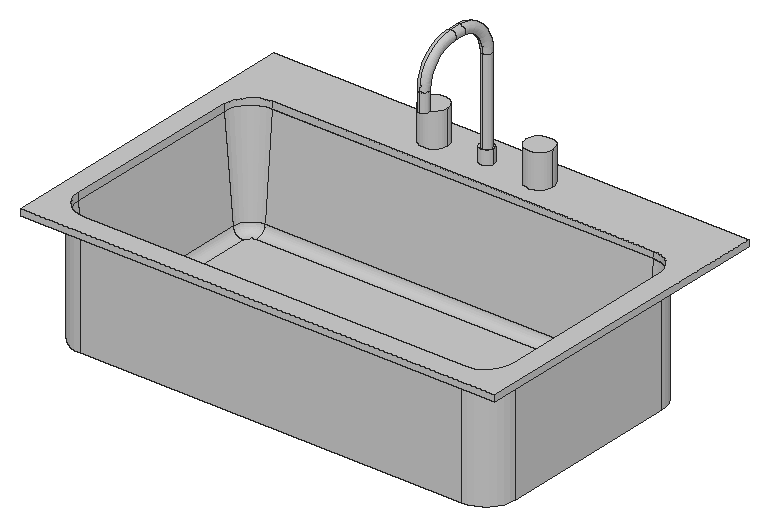
Revit family "M_Sink Kitchen-Single", category 위생기구, Revit 2026
Family settings
  원형 커넥터 치수 = 지름 사용
  부품 유형 = 보통
  작업 기준면 기반 = 아니오
  뷰에서 절단 사용 = 아니오
  항상 수직 = 예
  로드될 때 보이드를 사용하여 절단 = 아니오
  주석 방향 유지 = 아니오
  공유 = 예
  룸 계산 점 = 아니오
Parameters (values of type "900 x  600mm")
  기본 높이 = 0.00 mm
  Counter Height [instance] = 900.00 mm
  Depth = 600.00 mm
  Fixture Material = Metal - Steel, Polished
  Sink Material = Metal - Steel, Polished
  Width = 900.00 mm
  Assembly Code = ""
Types (2, lengths in mm): name | Depth | Width
  760 x 535mm | 535.00 | 760.00
  900 x  600mm | 600.00 | 900.00
Reference planes
  plane 1 "Center (Front/Back)": y = 2.345
  plane 2: z = 0
  plane 3 "Center (Left/Right)": x = 15.689
  plane 4: y = 302.345
  plane 5: y = -297.655
  plane 6: x = -434.311
  plane 7: x = 465.689
  plane 8 "Top Of Counter": z = 900
  plane 9: z = 912.7
  plane 10: z = 684.1
  plane 11: y = 188.045
  plane 12: x = -396.211
  plane 13: y = -259.555
  plane 14: x = 427.589
  plane 15: x = -84.311
  plane 16: x = 115.689
  plane 17: y = 245.195
  plane 18: y = 245.195
  plane 19: y = 245.195
  plane 20: z = 1163.525
  plane 21: y = 95.97
  plane 22: z = 976.2
  plane 23: z = 938.1
Forms (mm)
  Extrusion 1, solid, material "Metal - Steel, Polished" <- "Sink Material"
    sketch origin (0, 0, 0) x (1, 0, 0) y (0, 1, 0)
      loop
        line (-434.311, 302.345) -> (-434.311, -297.655) -> (465.689, -297.655) -> (465.689, 302.345) -> (-434.311, 302.345)
      loop
        arc (-345.411, 188.045) -> (-381.332, 173.166) -> (-396.211, 137.245) r 50.8
        line (-396.211, 137.245) -> (-396.211, -208.755)
        arc (-396.211, -208.755) -> (-381.332, -244.676) -> (-345.411, -259.555) r 50.8
        line (-345.411, -259.555) -> (376.789, -259.555)
        arc (376.789, -259.555) -> (412.71, -244.676) -> (427.589, -208.755) r 50.8
        line (427.589, -208.755) -> (427.589, 137.245)
        arc (427.589, 137.245) -> (412.71, 173.166) -> (376.789, 188.045) r 50.8
        line (376.789, 188.045) -> (-345.411, 188.045)
    from 900 to 912.7
  Sweep 2, solid, material "Metal - Steel, Polished" <- "Sink Material"
    path origin (0, 0, 0) x (1, 0, 0) y (0, 1, 0)
      loop
        arc (-345.411, 188.045) -> (-381.332, 173.166) -> (-396.211, 137.245) r 50.8
        line (-396.211, 137.245) -> (-396.211, -208.755)
        arc (-396.211, -208.755) -> (-381.332, -244.676) -> (-345.411, -259.555) r 50.8
        line (-345.411, -259.555) -> (376.789, -259.555)
        arc (376.789, -259.555) -> (412.71, -244.676) -> (427.589, -208.755) r 50.8
        line (427.589, -208.755) -> (427.589, 137.245)
        arc (427.589, 137.245) -> (412.71, 173.166) -> (376.789, 188.045) r 50.8
        line (376.789, 188.045) -> (-345.411, 188.045)
    profile origin (15.689, 0, 0) x (0, 1, 0) y (0, 0, 1)
      loop
        line (188.045, 900) -> (171.511, 711.015)
        arc (171.511, 711.015) -> (165.404, 698.63) -> (152.534, 693.625) r 19.05
        line (152.534, 693.625) -> (149.945, 693.625) -> (149.945, 684.1) -> (194.395, 684.1) -> (194.395, 900) -> (188.045, 900)
  Extrusion 3, solid, material "Metal - Steel, Polished" <- "Sink Material"
    sketch origin (0, 0, 0) x (1, 0, 0) y (0, 1, 0)
      loop
        arc (-345.411, 149.945) -> (-354.391, 146.226) -> (-358.111, 137.245) r 12.7
        line (-358.111, 137.245) -> (-358.111, -208.755)
        arc (-358.111, -208.755) -> (-354.391, -217.735) -> (-345.411, -221.455) r 12.7
        line (-345.411, -221.455) -> (376.789, -221.455)
        arc (376.789, -221.455) -> (385.769, -217.735) -> (389.489, -208.755) r 12.7
        line (389.489, -208.755) -> (389.489, 137.245)
        arc (389.489, 137.245) -> (385.769, 146.226) -> (376.789, 149.945) r 12.7
        line (376.789, 149.945) -> (-345.411, 149.945)
      loop
        circle (15.689, 0) r 25.4
    from 684.1 to 693.625
  Extrusion 4, solid, material "Metal - Steel, Polished" <- "Fixture Material"
    sketch origin (0, 0, 0) x (1, 0, 0) y (0, 1, 0)
      loop
        circle (-84.311, 245.195) r 25.4
      loop
        circle (115.689, 245.195) r 25.4
    from 912.7 to 976.2
  Sweep 5, solid, material "Metal - Steel, Polished" <- "Fixture Material"
    path origin (15.689, 0, 0) x (0, 1, 0) y (0, 0, 1)
      loop
        line (245.195, 912.7) -> (245.195, 1100.025)
        arc (245.195, 1100.025) -> (226.597, 1144.926) -> (181.695, 1163.525) r 63.5
        line (181.695, 1163.525) -> (159.47, 1163.525)
        arc (159.47, 1163.525) -> (114.569, 1144.926) -> (95.97, 1100.025) r 63.5
        line (95.97, 1100.025) -> (95.97, 1065.1)
    profile origin (15.689, 0, 1006.363) x (0, -1, 0) y (1, 0, 0)
      loop
        circle (-245.195, 0) r 9.525
  Extrusion 6, solid, material "Metal - Steel, Polished" <- "Fixture Material"
    sketch origin (0, 0, 0) x (1, 0, 0) y (0, 1, 0)
      loop
        circle (15.689, 245.195) r 12.7
    from 912.7 to 938.1
Cuts and joins
  joined: Sweep 5, Extrusion 6
  joined: Sweep 2, Extrusion 3
Lines and regions (mm)
  Masking region 1
    outline origin (0, 0, 900) x (0, -1, 0) y (1, 0, 0)
      loop
        line (-302.345, -434.311) -> (297.655, -434.311) -> (297.655, 465.689) -> (-302.345, 465.689) -> (-302.345, -434.311)
  symbolic lines
    curve 1: arc (41.089, 0, 900) -> (15.689, 25.4, 900) -> (-9.711, 0, 900) r 25.4
    curve 2: arc (-9.711, 0, 900) -> (15.689, -25.4, 900) -> (41.089, 0, 900) r 25.4
    curve 3: line (-396.211, 137.245, 900) -> (-396.211, -208.755, 900)
    curve 4: line (-345.411, -259.555, 900) -> (376.789, -259.555, 900)
    curve 5: line (427.589, -208.755, 900) -> (427.589, 137.245, 900)
    curve 6: line (376.789, 188.045, 900) -> (28.389, 188.045, 900)
    curve 7: arc (427.589, 137.245, 900) -> (412.71, 173.166, 900) -> (376.789, 188.045, 900) r 50.8
    curve 8: arc (376.789, -259.555, 900) -> (412.71, -244.676, 900) -> (427.589, -208.755, 900) r 50.8
    curve 9: arc (-396.211, -208.755, 900) -> (-381.332, -244.676, 900) -> (-345.411, -259.555, 900) r 50.8
    curve 10: arc (-345.411, 188.045, 900) -> (-381.332, 173.166, 900) -> (-396.211, 137.245, 900) r 50.8
    curve 11: arc (28.389, 245.195, 900) -> (15.689, 257.895, 900) -> (2.989, 245.195, 900) r 12.7
    curve 12: line (2.989, 245.195, 900) -> (2.989, 53.145, 900)
    curve 13: line (28.389, 245.195, 900) -> (28.389, 53.145, 900)
    curve 14: arc (28.389, 53.145, 900) -> (15.689, 40.445, 900) -> (2.989, 53.145, 900) r 12.7
    curve 15: line (2.989, 188.045, 900) -> (-345.411, 188.045, 900)
    curve 16: arc (-58.911, 245.195, 900) -> (-84.311, 270.595, 900) -> (-109.711, 245.195, 900) r 25.4
    curve 17: arc (-109.711, 245.195, 900) -> (-84.311, 219.795, 900) -> (-58.911, 245.195, 900) r 25.4
    curve 18: arc (90.289, 245.195, 900) -> (115.689, 219.795, 900) -> (141.089, 245.195, 900) r 25.4
    curve 19: arc (141.089, 245.195, 900) -> (115.689, 270.595, 900) -> (90.289, 245.195, 900) r 25.4
Dimensions and locks
  equal spacing: plane 6, plane 3 "Center (Left/Right)", plane 7
  "Width": plane 6 to plane 7
  equal spacing: plane 5, plane 1 "Center (Front/Back)", plane 4
  "Depth": plane 5 to plane 4
  "Counter Height": plane 8 "Top Of Counter" to plane 2
  locked: plane 9 to plane 8 "Top Of Counter" at 12.7
  locked: plane 8 "Top Of Counter" to plane 10 at 215.9
  locked: plane 6 to plane 12 at 38.1
  locked: plane 14 to plane 7 at 38.1
  locked: plane 11 to plane 4 at 114.3
  locked: plane 5 to plane 13 at 38.1
  equal spacing: plane 11, plane 17, plane 4
  equal spacing: plane 11, plane 18, plane 4
  equal spacing: plane 4, plane 19, plane 11
  locked: plane 19 to plane 21 at 149.225
  locked: plane 20 to plane 9 at 250.825
  locked: plane 22 to plane 9 at 63.5
  locked: plane 23 to plane 9 at 25.4
  locked: plane 15 to plane 3 "Center (Left/Right)" at 100
  locked: plane 3 "Center (Left/Right)" to plane 16 at 100
  aligned and locked: Extrusion 1 sketch curve to plane 5
  aligned and locked: plane 7 to Extrusion 1 sketch curve
  aligned and locked: plane 4 to Extrusion 1 sketch curve
  aligned and locked: Extrusion 1 sketch curve to plane 6
  aligned and locked: plane 8 "Top Of Counter" to Extrusion 1
  aligned and locked: Extrusion 1 to plane 9
  aligned and locked: plane 11 to Extrusion 1 sketch curve
  aligned and locked: plane 14 to Extrusion 1 sketch curve
  aligned and locked: Extrusion 1 sketch curve to plane 12
  aligned and locked: Extrusion 1 sketch curve to plane 13
  aligned and locked: plane 11 to Sweep 2 sketch curve
  aligned and locked: plane 14 to Sweep 2 sketch curve
  aligned and locked: Sweep 2 sketch curve to plane 12
  aligned and locked: Sweep 2 sketch curve to plane 13
  aligned and locked: Sweep 2 to Extrusion 3 sketch curve  (x4)
  aligned and locked: Sweep 2 to Extrusion 3
  aligned and locked: plane 10 to Extrusion 3
  aligned and locked: Sweep 2 sketch curve to plane 10
  aligned and locked: plane 8 "Top Of Counter" to Sweep 2 sketch curve
  aligned and locked: Extrusion 4 to Extrusion 1
  aligned and locked: Extrusion 6 to Extrusion 1
  aligned and locked: Sweep 5 sketch curve to plane 19
  aligned and locked: plane 20 to Sweep 5 sketch curve
  aligned and locked: plane 21 to Sweep 5 sketch curve
  aligned and locked: Extrusion 4 to plane 22
  aligned and locked: Extrusion 6 to plane 23
  aligned and locked: plane 7 to Masking region 1 sketch curve
  aligned and locked: plane 4 to Masking region 1 sketch curve
  aligned and locked: Masking region 1 sketch curve to plane 6
  aligned and locked: Masking region 1 sketch curve to plane 5
  aligned and locked: plane 15 to Extrusion 4 sketch curve
  aligned and locked: plane 17 to Extrusion 4 sketch curve  (x2)
  aligned and locked: plane 16 to Extrusion 4 sketch curve
  aligned and locked: curve 16 to Extrusion 4
  aligned and locked: curve 18 to Extrusion 4
Automatic sketch dimensions
  Sweep 2 sketch curve to plane 12 = 50.80 mm
  Sweep 2 sketch curve to Sweep 2 sketch curve = 50.80 mm
  plane 11 to Sweep 2 sketch curve = 50.80 mm
  plane 14 to Sweep 2 sketch curve = 50.80 mm
  Extrusion 1 sketch curve to plane 12 = 50.80 mm  (x2)
  plane 14 to Extrusion 1 sketch curve = 50.80 mm  (x2)
  Extrusion 3 sketch curve to plane 3 "Center (Left/Right)" = 0.00 mm
  Extrusion 3 sketch curve to Extrusion 3 sketch curve = 12.70 mm  (x4)
  plane 1 "Center (Front/Back)" to Extrusion 3 sketch curve = 2.345 mm
  Extrusion 3 sketch curve to plane 3 "Center (Left/Right)" = 25.40 mm
  Sweep 2 sketch curve to profile plane = 0.00 mm
  profile plane to Sweep 2 sketch curve = 16.534 mm
  Sweep 2 sketch curve to Sweep 2 sketch curve = 18.978 mm
  Sweep 2 sketch curve to Sweep 2 sketch curve = 2.588 mm
  Sweep 2 sketch curve to profile plane = 6.35 mm
  Sweep 2 sketch curve to Sweep 2 sketch curve = 9.525 mm
  Sweep 2 sketch curve to Sweep 2 sketch curve = 17.39 mm
  plane 15 to Extrusion 4 sketch curve = 25.40 mm
  plane 16 to Extrusion 4 sketch curve = 25.40 mm
  Sweep 5 sketch curve to plane 3 "Center (Left/Right)" = 0.00 mm
  Sweep 5 sketch curve to profile plane = 0.00 mm
  profile plane to Sweep 5 sketch curve = 9.525 mm
  Extrusion 6 sketch curve to plane 18 = 0.00 mm
  Extrusion 6 sketch curve to plane 3 "Center (Left/Right)" = 0.00 mm
  Extrusion 6 sketch curve to plane 3 "Center (Left/Right)" = 12.70 mm
  Sweep 5 sketch curve to plane 9 = 0.00 mm
  Sweep 5 sketch curve to Sweep 5 sketch curve = 63.50 mm
  plane 11 to Sweep 5 sketch curve = 6.35 mm
  Sweep 5 sketch curve to Sweep 5 sketch curve = 34.925 mm
  curve 15 to plane 11 = 0.00 mm
  curve 6 to plane 11 = 0.00 mm
  curve 5 to plane 14 = 0.00 mm
  curve 3 to plane 12 = 0.00 mm
  curve 14 to plane 3 "Center (Left/Right)" = 0.00 mm
  curve 2 to plane 3 "Center (Left/Right)" = 0.00 mm
  curve 9 to plane 13 = 0.00 mm
  plane 4 to curve 11 = 57.15 mm
  plane 11 to curve 7 = 50.80 mm
  plane 11 to curve 10 = 50.80 mm
  curve 13 to plane 1 "Center (Front/Back)" = 50.80 mm
  plane 1 "Center (Front/Back)" to curve 1 = 2.345 mm
  curve 3 to plane 13 = 50.80 mm
  curve 8 to plane 13 = 50.80 mm
  curve 2 to plane 3 "Center (Left/Right)" = 25.40 mm
  curve 15 to plane 3 "Center (Left/Right)" = 12.70 mm
